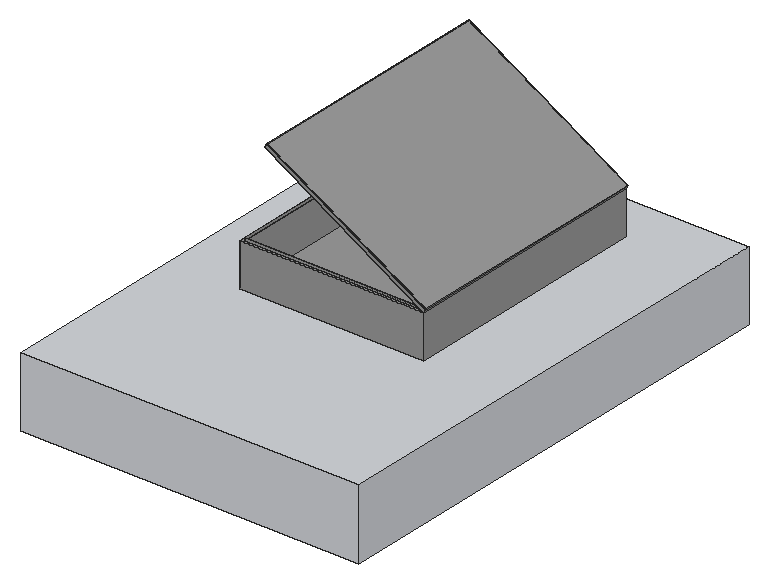
Revit family "Hager-Univers-IP44-D205-H1100-Cl.I-Encl-CH-it", category Equipement électrique, Revit 2020
Family settings
  Hôte = Face
  Configuration du panneau = Deux colonnes, circuits au sein
  Cote de connecteur circulaire = Utiliser le diamètre
  Type d'élément = Tableau de raccordement
  Couper avec des vides une fois chargée = Non
  Partagée = Non
  Point de calcul de pièce = Non
Parameters (values of type "A parete IP44 L800 A1100 P205  - FP73TN2")
  Width Control [instance] = if([EF000008 - Larghezza] > Min Width, [EF000008 - Larghezza], Min Width)  # 800 mm
  Commentaires du type = [HG000003 - Gamma]  # "Univers"
  Thickness Door [instance] = if([EF009171 - spessore materiale porta/coperchio] > 3 mm, 3 mm, [EF009171 - spessore materiale porta/coperchio])  # 1 mm
  Seal Frame Offset [instance] = 17 mm  # constant formula
  Plinth Visibility [instance] = [HG000027 - Altezza dello zoccolo] > 0 mm  # no
  Model = ""
  Min Width [instance] = 100 mm  # constant formula
  Min Height [instance] = 100 mm  # constant formula
  Min Depth [instance] = (2 * [EF009170 - spessore materiale scatola]) + 1 mm  # 3 mm
  Internal Frame Depth [instance] = (Door System Depth * 0.5)  # 9 mm
  Height Control [instance] = if([EF000040 - Altezza] > Min Height, [EF000040 - Altezza], Min Height)  # 1100 mm
  HG000027 - Altezza dello zoccolo = 0 mm
  HG000026 - A pavimento = no
  HG000024 - Altezza della sezione inferiore = 800 mm
  HG000023 - Custodia a doppia sezione = no
  HG000016 - Visibilità delle porte nella vista 3D [instance] = yes
  HG000015 - Visibilità attraverso la porta [instance] = no
  HG000014 - Porta destra [instance] = yes
  HG000013 - Porta sinistra [instance] = not([HG000014 - Porta destra])  # no
  HG000012 - Angolo di apertura della porta [instance] = 30.00°
  HG000010 - Porte asimmetriche = no
  HG000009 - Porta doppia a battente = no
  HG000006 - Ad incasso = no
  HG000004 - Codice produttore = "FP73TN2"
  HG000003 - Gamma = "Univers"
  HG000002 - Con porta = yes
  Frame Offset Bottom [instance] = 10 mm  # constant formula
  Frame Offset [instance] = 15 mm  # constant formula
  EF015940 - Coprire con rilascio di sovrapressione = no
  EF011959 - tipo di protezione (NEMA) = ""
  EF009554 - numero delle aperture per la piastra della flangia = 6
  Fabricant = "Hager"  # constant formula
  EF009212 - esecuzione coperchio = "EV000116 - chiuso"
  EF009171 - spessore materiale porta/coperchio = 1 mm
  EF009170 - spessore materiale scatola = 1 mm
  EF008873 - corrente nominale (In) = 250 A
  EF007800 - adatto per parafulmine = no
  EF006306 - con serratura = no
  EF006244 - coperchio/porta trasparente = no
  EF005474 - grado di protezione (IP) = "EV006418 - IP44"
  EF004464 - tipo di porta = "EV002646 - singolo"
  EF004427 - numero di moduli = 252
  EF004293 - resistenza agli urti = "EV006815 - IK09"
  EF003532 - adatto per uso esterno = no
  EF002950 - Numero moduli DIN = 36
  EF001613 - Integrità del circuito = "EV000494 - senza"
  EF001596 - Attacco Lampada = "EV000179 - acciaio"
  EF001131 - profondità interna = 130 mm
  EF001088 - possibilità di applicazione = yes
  EF000437 - numero di ingressi per conduttori = 6
  EF000339 - tipo di copertura = "EV001012 - coperchio"
  EF000266 - numero di file = 7
  EF000218 - profondità di incasso = 205 mm
  EF000118 - con piastra di montaggio = no
  EF000116 - numero RAL = "9010"
  EF000049 - profondità = 205 mm
  EF000040 - Altezza = 1100 mm
  EF000008 - Larghezza = 800 mm
  EF000007 - colore = "EV000202 - bianco"
  EF000003 - Tipo di montaggio = "EV000384 - A parete"
  Door System Leaf Tolerance [instance] = 1.5 mm  # constant formula
  Door System Depth [instance] = 18 mm  # constant formula
  Door Height [instance] = Height Control - [HG000027 - Altezza dello zoccolo]  # 1100 mm
  Depth Control [instance] = if([EF000049 - profondità] > Min Depth, [EF000049 - profondità], Min Depth)  # 205 mm
  Default Elevation = 0 mm
  Connector Offset [instance] = Height Control / 2  # 550 mm
  Bottom Top Plate Trim [instance] = 1.5 mm  # constant formula
  Plinth height Ctrl [instance] = if([HG000027 - Altezza dello zoccolo] > 0 mm, [HG000027 - Altezza dello zoccolo], 12 mm)  # 12 mm
Types (10, lengths in mm): name | Width Control | HG000010 - Porte asimmetriche | HG000009 - Porta doppia a battente | HG000004 - Codice produttore | EF009554 - numero delle aperture per la piastra della flangia | EF004464 - tipo di porta | EF004427 - numero di moduli | EF002950 - Numero moduli DIN | EF000437 - numero di ingressi per conduttori | EF000218 - profondità di incasso | EF000008 - Larghezza
  A parete IP44 L1050 A1100 P205  - FP74QT | 1050 | no | no | "FP74QT" | 8 | "EV003602 - doppio" | 336 | 48 | 8 | 0 | 1050
  A parete IP44 L1050 A1100 P205  - FP74TN2 | 1050 | no | yes | "FP74TN2" | 8 | "EV003602 - doppio" | 336 | 48 | 8 | 205 | 1050
  A parete IP44 L1300 A1100 P205  - FP75QT | 1300 | no | no | "FP75QT" | 10 | "EV003602 - doppio" | 420 | 60 | 10 | 0 | 1300
  A parete IP44 L1300 A1100 P205  - FP75TN2 | 1300 | yes | yes | "FP75TN2" | 10 | "EV003602 - doppio" | 420 | 60 | 10 | 205 | 1300
  A parete IP44 L300 A1100 P205  - FP71QT | 300 | no | no | "FP71QT" | 2 | "EV002646 - singolo" | 84 | 12 | 2 | 0 | 300
  A parete IP44 L300 A1100 P205  - FP71TN2 | 300 | no | no | "FP71TN2" | 2 | "EV002646 - singolo" | 84 | 12 | 2 | 205 | 300
  A parete IP44 L550 A1100 P205  - FP72QT | 550 | no | no | "FP72QT" | 4 | "EV002646 - singolo" | 168 | 24 | 4 | 0 | 550
  A parete IP44 L550 A1100 P205  - FP72TN2 | 550 | no | no | "FP72TN2" | 4 | "EV002646 - singolo" | 168 | 24 | 4 | 205 | 550
  A parete IP44 L800 A1100 P205  - FP73QT | 800 | no | no | "FP73QT" | 6 | "EV002646 - singolo" | 252 | 36 | 6 | 0 | 800
  A parete IP44 L800 A1100 P205  - FP73TN2 | 800 | no | no | "FP73TN2" | 6 | "EV002646 - singolo" | 252 | 36 | 6 | 205 | 800
Reference planes
  plane 1 "Center (Front/Back)": y = 0
  plane 2: z = 0
  plane 3 "Center (Left/Right)": x = 0
  plane 4: z = 205
  plane 5: y = 1
  plane 6: y = 550
  plane 7: y = 0
  plane 8: y = 1100
  plane 9: z = 0
  plane 10: x = -385
  plane 11: x = 385
  plane 12: x = 384
  plane 13: x = -384
  plane 14: y = 1099
  plane 15: x = -383
  plane 16: x = -400
  plane 17: x = 383
  plane 18: x = 400
  plane 19: x = 399
  plane 20: x = -399
  plane 21: y = 11
  plane 22: y = 1100
  plane 23: y = 1084
  plane 24: z = 187
  plane 25: z = 1
  plane 26: z = 186
  plane 27: z = 204
Forms (mm)
  Extrusion 1, solid
    sketch origin (0, 0, 0) x (1, 0, 0) y (0, 1, 0)
      loop
        line (-702.964, 1305) -> (-702.964, -811.445) -> (766.763, -811.445) -> (766.763, 1305) -> (-702.964, 1305)
    from 0 to -304.8
  Extrusion 2, solid, material "Hager_Steel_RAL7035_Light_Grey", visible <- "Plinth Visibility", detail levels medium+fine
    sketch origin (0, 0, 0) x (1, 0, 0) y (0, 1, 0)
      loop
        line (-400, 0) -> (400, 0) -> (400, 12) -> (-400, 12) -> (-400, 0)
    from 0 to 187
  Extrusion 3, solid, material "Hager_Steel_RAL7035_Light_Grey", detail levels medium+fine
    sketch origin (0, 0, 0) x (1, 0, 0) y (0, 1, 0)
      loop
        line (-400, 0) -> (400, 0) -> (400, 1100) -> (-400, 1100) -> (-400, 0)
    from 0 to 187
  Extrusion 4, void
    sketch origin (0, 0, 0) x (1, 0, 0) y (0, 1, 0)
      loop
        line (-399, 1) -> (399, 1) -> (399, 1099) -> (-399, 1099) -> (-399, 1)
    from 1 to 186
  Extrusion 5, void
    sketch origin (-381.607, -4572, 187) x (0, -1, 0) y (-1, 0, 0)
      loop
        line (-4583, 2.393) -> (-5656, 2.393) -> (-5656, -765.607) -> (-4583, -765.607) -> (-4583, 2.393)
    from 0 to 1 <- "EF009170 - spessore materiale scatola"
  Extrusion 6, solid, material "Hager_Steel_RAL7035_Light_Grey", detail levels fine
    sketch origin (0, 0, 187) x (1, 0, 0) y (0, 1, 0)
      loop
        line (-384, 1084) -> (-384, 11) -> (384, 11) -> (384, 1084) -> (-384, 1084)
      loop
        line (-385, 10) -> (385, 10) -> (385, 1085) -> (-385, 1085) -> (-385, 10)
    from 0 to 9 <- "Internal Frame Depth"
  Extrusion 7, solid, material "Hager_Steel_RAL7035_Light_Grey", detail levels coarse
    sketch origin (0, 0, 0) x (1, 0, 0) y (0, 1, 0)
      loop
        line (-400, 0) -> (400, 0) -> (400, 1100) -> (-400, 1100) -> (-400, 0)
    from 0 to 205
  Sweep 8, void
    path in 3D
      loop
        line (-400, 12, 0) -> (400, 12, 0) -> (400, 12, 187) -> (-400, 12, 187) -> (-400, 12, 0)
    profile origin (-400, 12, 93.5) x (-1, 0, 0) y (0, -1, 0)
      loop
        line (0, 0) -> (0, 1.5) -> (-1.5, 1.5)
        arc (-1.5, 1.5) -> (-1.061, 0.439) -> (0, 0) r 1.5
Cuts and joins
  Extrusion 4, Extrusion 5 cuts Extrusion 3
  Sweep 8 cuts Extrusion 2
Lines and regions (mm)
  Masking region 1
    outline origin (0, 0, 0) x (1, 0, 0) y (0, 0, 1)
      loop
        line (-400, 205) -> (-400, 0) -> (400, 0) -> (400, 205) -> (-400, 205)
  Masking region 2, detail levels medium+fine
    outline origin (0, 140, 0) x (0, 1, 0) y (0, 0, 1)
      loop
        line (-140, 0) -> (960, 0) -> (960, 187) -> (-140, 187) -> (-140, 0)
  Masking region 3, not visible, detail levels medium+fine
    outline origin (0, 297.922, 0) x (0, 1, 0) y (0, 0, 1)
      loop
        line (263.578, 0) -> (303.578, 0) -> (303.578, 194)
        arc (303.578, 194) -> (300.649, 201.071) -> (293.578, 204) r 10
        line (293.578, 204) -> (263.578, 204) -> (263.578, 0)
  Masking region 4, detail levels coarse
    outline origin (0, 0, 180) x (0, 1, 0) y (0, 0, 1)
      loop
        line (0, -180) -> (1100, -180) -> (1100, 25) -> (0, 25) -> (0, -180)
  Masking region 5, visible <- "Plinth Visibility", detail levels medium+fine
    outline origin (0, 52.24, 12.345) x (0, 0, -1) y (0, 1, 0)
      loop
        line (10.845, -40.24) -> (-173.155, -40.24)
        arc (-173.155, -40.24) -> (-173.594, -41.301) -> (-174.655, -41.74) r 1.5
        line (-174.655, -41.74) -> (-174.655, -52.24) -> (12.345, -52.24) -> (12.345, -41.74)
        arc (12.345, -41.74) -> (11.285, -41.301) -> (10.845, -40.24) r 1.5
  Masking region 6, detail levels medium+fine
    outline origin (-381.607, -4572, 187) x (-1, 0, 0) y (0, -1, 0)
      loop
        line (18.393, -5672) -> (18.393, -4572) -> (-781.607, -4572) -> (-781.607, -5672) -> (18.393, -5672)
  Masking region 7, visible <- "Plinth Visibility", detail levels medium+fine
    outline origin (-381.607, -4727, 187) x (-1, 0, 0) y (0, -1, 0)
      loop
        arc (16.893, -4739) -> (17.332, -4737.939) -> (18.393, -4737.5) r 1.5
        line (18.393, -4737.5) -> (18.393, -4727) -> (-781.607, -4727) -> (-781.607, -4737.5)
        arc (-781.607, -4737.5) -> (-780.546, -4737.939) -> (-780.107, -4739) r 1.5
        line (-780.107, -4739) -> (16.893, -4739)
  Masking region 8, detail levels coarse
    outline origin (-442.548, -4669.526, 187) x (-1, 0, 0) y (0, -1, 0)
      loop
        line (-42.548, -5769.526) -> (-42.548, -4669.526) -> (-842.548, -4669.526) -> (-842.548, -5769.526) -> (-42.548, -5769.526)
  sketch lines
    curve 1: line (-400, 12, 187) -> (-400, 12, 0)
    curve 2: line (400, 12, 187) -> (-400, 12, 187)
    curve 3: line (400, 12, 187) -> (400, 12, 0)
    curve 4: line (-400, 12, 0) -> (400, 12, 0)
Dimensions and locks
  "Depth Control": plane 4 to Extrusion 1
  "HG000027 - Altezza dello zoccolo": plane 1 "Center (Front/Back)" to plane 7
  "EF009170 - spessore materiale scatola": plane 5 to plane 7
  locked: connector elem to plane 3 "Center (Left/Right)"
  equal spacing: plane 8, plane 6, plane 7
  locked: connector elem to plane 6
  "EF009170 - spessore materiale scatola": plane 8 to plane 14
  "EF009170 - spessore materiale scatola": plane 10 to plane 13
  "EF009170 - spessore materiale scatola": plane 12 to plane 11
  "Frame Offset": plane 20 to plane 13
  "Frame Offset": plane 12 to plane 19
  "EF009170 - spessore materiale scatola": plane 16 to plane 20
  "EF009170 - spessore materiale scatola": plane 19 to plane 18
  "Seal Frame Offset": plane 16 to plane 15
  "Seal Frame Offset": plane 17 to plane 18
  "Frame Offset Bottom": plane 21 to plane 5
  "Frame Offset": plane 14 to plane 23
  equal spacing: plane 16, plane 3 "Center (Left/Right)", plane 18
  "Width Control": plane 16 to plane 18
  "EF009170 - spessore materiale scatola": plane 4 to plane 27
  "EF009170 - spessore materiale scatola": plane 24 to plane 26
  "EF009170 - spessore materiale scatola": plane 25 to level
  "Door System Depth": plane 4 to plane 24
  "Height Control": plane 1 "Center (Front/Back)" to Extrusion 7 sketch curve
  "Height Control": Masking region 4 sketch curve to plane 1 "Center (Front/Back)"
  "Height Control": plane 1 "Center (Front/Back)" to plane 22
  "Bottom Top Plate Trim": profile plane to Sweep 8 sketch curve
  "Bottom Top Plate Trim": Sweep 8 sketch curve to profile plane
  "Plinth height Ctrl": plane 1 "Center (Front/Back)" to Extrusion 2 sketch curve
  "Plinth height Ctrl": Masking region 5 sketch curve to plane 1 "Center (Front/Back)"
  "Plinth height Ctrl": plane 1 "Center (Front/Back)" to Masking region 7 sketch curve
  "Thickness Door": Extrusion 6 sketch curve to Extrusion 6 sketch curve  (x3)
  "Thickness Door": cut or joined group of Extrusion 3, Extrusion 4, Extrusion 5 to Extrusion 6 sketch curve
  radius of Masking region 3 sketch curve = 10 mm
  "Bottom Top Plate Trim": radius of Masking region 5 sketch curve  (x2)
  "Bottom Top Plate Trim": radius of Sweep 8 sketch curve
  "Bottom Top Plate Trim": radius of Masking region 7 sketch curve  (x2)
  aligned and locked: plane 2 to Extrusion 1
  aligned and locked: level to Extrusion 1
  aligned and locked: level to Masking region 1 sketch curve
  aligned and locked: Masking region 1 sketch curve to plane 18
  aligned and locked: Masking region 1 sketch curve to plane 16
  aligned and locked: plane 7 to Masking region 2 sketch curve
  aligned and locked: level to Masking region 3 sketch curve
  aligned and locked: Masking region 3 sketch curve to plane 27
  aligned and locked: level to Masking region 2 sketch curve
  aligned and locked: plane 1 "Center (Front/Back)" to Extrusion 2 sketch curve
  aligned and locked: Extrusion 3 sketch curve to plane 7
  aligned and locked: plane 16 to Extrusion 3 sketch curve
  aligned and locked: plane 18 to Extrusion 3 sketch curve
  aligned and locked: plane 20 to Extrusion 4 sketch curve
  aligned and locked: plane 19 to Extrusion 4 sketch curve
  aligned and locked: Extrusion 4 sketch curve to plane 5
  aligned and locked: Extrusion 4 to plane 25
  aligned and locked: plane 26 to Extrusion 4
  aligned and locked: plane 24 to Extrusion 3
  aligned and locked: Extrusion 5 sketch curve to plane 21
  aligned and locked: Extrusion 5 sketch curve to plane 13
  aligned and locked: Extrusion 5 sketch curve to plane 12
  aligned and locked: plane 18 to Extrusion 7 sketch curve
  aligned and locked: plane 1 "Center (Front/Back)" to Extrusion 7 sketch curve
  aligned and locked: plane 16 to Extrusion 7 sketch curve
  aligned and locked: plane 4 to Extrusion 7
  aligned and locked: Extrusion 7 to level
  aligned and locked: level to Masking region 4 sketch curve
  aligned and locked: Masking region 4 sketch curve to plane 1 "Center (Front/Back)"
  aligned and locked: Masking region 4 sketch curve to plane 4
  aligned and locked: nested 1 to level
  aligned and locked: nested 1 to plane 16
  aligned and locked: plane 8 to Extrusion 3 sketch curve
  aligned and locked: plane 23 to Extrusion 5 sketch curve
  aligned and locked: plane 14 to Extrusion 4 sketch curve
  aligned and locked: Masking region 2 sketch curve to plane 8
  aligned and locked: level to Masking region 5 sketch curve
  aligned and locked: plane 16 to Extrusion 2 sketch curve
  aligned and locked: plane 18 to Extrusion 2 sketch curve
  aligned and locked: Masking region 5 sketch curve to plane 24
  aligned and locked: Masking region 2 sketch curve to plane 24
  aligned and locked: plane 24 to Extrusion 2
  aligned and locked: profile plane to Sweep 8 sketch curve  (x2)
  aligned and locked: Masking region 6 sketch curve to plane 18
  aligned and locked: Masking region 6 sketch curve to plane 22
  aligned and locked: Masking region 6 sketch curve to plane 16
  aligned and locked: plane 8 to plane 22
  aligned and locked: Masking region 6 sketch curve to plane 7
  aligned and locked: Masking region 7 sketch curve to plane 16
  aligned and locked: Masking region 7 sketch curve to plane 1 "Center (Front/Back)"
  aligned and locked: Masking region 7 sketch curve to plane 18
  aligned and locked: Masking region 8 sketch curve to plane 1 "Center (Front/Back)"
  aligned and locked: Masking region 8 sketch curve to plane 18
  aligned and locked: Masking region 8 sketch curve to plane 22
  aligned and locked: Masking region 8 sketch curve to plane 16
  aligned and locked: nested 2 to plane 7
  aligned and locked: plane 3 "Center (Left/Right)" to nested 2
  aligned and locked: nested 2 to plane 24
  aligned and locked: Extrusion 6 sketch curve to cut or joined group of Extrusion 3, Extrusion 4, Extrusion 5  (x4)
Automatic sketch dimensions
  Extrusion 1 sketch curve to Extrusion 1 sketch curve = 1469.727 mm
  Extrusion 1 sketch curve to Extrusion 1 sketch curve = 2116.445 mm
  Masking region 1 sketch curve to plane 4 = 0 mm
  plane 6 to Masking region 3 sketch curve = 11.5 mm
  Masking region 3 sketch curve to Masking region 3 sketch curve = 30 mm
  Masking region 5 sketch curve to plane 1 "Center (Front/Back)" = 0 mm
Nested families
  nested 1: "Hager_Enclosure_Symbol" at (-400, 0, 0) x (1, 0, 0) z (0, -1, 0), Height <- "Depth Control", Width <- "Width Control", type "Hager_Enclosure_Symbol"
    with Width_Ctrl 800 mm, Width 800 mm, Height_Ctrl 205 mm, Height 205 mm, A_Width_Int 13.453 mm, A_Width 161.438 mm, A_Height_Ctrl 179.375 mm, A_Height 179.375 mm
  nested 2: "EC000058_Univers_Door" at (0, 0, 187) x (1, 0, 0) z (0, 1, 0), Leaf_Tolerance <- "Door System Leaf Tolerance", Angle <- "HG000012 - Angolo di apertura della porta", Door_Depth <- "Door System Depth", Door_Left <- "HG000013 - Porta sinistra", Transparent <- "EF006244 - coperchio/porta trasparente", Assymetrical <- "HG000010 - Porte asimmetriche", Width <- "Width Control", Clearance <- "HG000015 - Visibilità attraverso la porta", Double <- "HG000009 - Porta doppia a battente", 3d_Door <- "HG000016 - Visibilità delle porte nella vista 3D", Lock_Visibility <- "EF006306 - con serratura", Width_Ctrl <- "Width Control", Door_Right <- "HG000014 - Porta destra", Door <- "HG000002 - Con porta", Height <- "Door Height", Thickness <- "Thickness Door", type "EC000058_Univers_Door", detail levels medium+fine
    with min_wh 3 mm, Width_Ctrl 800 mm, Width 800 mm, Transparent no, Thickness 1 mm, Seal_Material Hager_Rubber, Lock_Visibility no, Lock_Material Hager_Plastic_RAL9005_Jet_Black, Leaf_Width 800 mm, Leaf_Tolerance_External_Sides 0 mm, Leaf_Tolerance 1.5 mm, Leaf_Offset 0 mm, Leaf_Height 1097 mm, Leaf_2_Width 800 mm, Leaf_2_Offset 400 mm, Leaf_1_Width 800 mm, Leaf_1_Offset 400 mm, Height_Ctrl 1100 mm, Height 1100 mm, Glass_Material Hager_Glass, Double_Clearance_Ctrl no, Double no, Door_Right_Ctrl yes, Door_Right yes, Door_Material Hager_Steel_RAL7035_Light_Grey, Door_Left_Ctrl no, Door_Left no, Door_Depth 18 mm, Door yes, Clearance_Material Hager_Clearance, Clearance_Depth 800 mm, Clearance_Ctrl no, Clearance no, Assymetrical no, Angle 30.00°, 3d_Door yes
Connectors
  electrical at (0, 550, 0)
    settings: on plane 9, index 1, voltage 0 V, apparent load 0 VA, apparent load phase1 0 VA, apparent load phase2 0 VA, apparent load phase3 0 VA, power factor 1, load classification "Other", number of poles 1, system type 30, power factor state 1, is connector primary yes, connector utility no, sub classification motor no, connector description ""
Definition of nested family "EC000058_Univers_Door"
  Parameters (values of type "EC000058_Univers_Door")
    min_wh [instance] = (2 * Thickness) + 1 mm  # 11 mm
    Width_Ctrl [instance] = 400 mm
    Width [instance] = 500 mm
    Transparent [instance] = yes
    Thickness [instance] = 5 mm
    Seal_Material [instance] = none
    Lock_Visibility [instance] = yes
    Lock_Material [instance] = none
    Leaf_Width [instance] = if((Width_Ctrl - 2 * Leaf_Tolerance_External_Sides) > 0 mm, (Width_Ctrl - 2 * Leaf_Tolerance_External_Sides), min_wh)  # 400 mm
    Leaf_Tolerance_External_Sides [instance] = 0 mm  # constant formula
    Leaf_Tolerance [instance] = 1.5 mm
    Leaf_Offset [instance] = 0 mm  # constant formula
    Leaf_Height [instance] = if((Height_Ctrl - 2 * Leaf_Tolerance) > 0 mm, (Height_Ctrl - 2 * Leaf_Tolerance), min_wh)  # 497 mm
    Leaf_2_Width [instance] = if(and(and(Double, Assymetrical), Door_Left), (Leaf_Width / 3) - (Leaf_Tolerance / 2), if(and(and(Double, Assymetrical), Door_Right), (Leaf_Width / 3) * 2 - (Leaf_Tolerance / 2), if(and(Double, not(Assymetrical)), (Leaf_Width / 2) - Leaf_Tolerance, Leaf_Width)))  # 400 mm
    Leaf_2_Offset [instance] = if(and(Double, Assymetrical), Leaf_2_Width / 2, if(and(Double, not(Assymetrical)), Leaf_Width / 4, Leaf_Width / 2))  # 200 mm
    Leaf_1_Width [instance] = if(and(and(Double, Assymetrical), Door_Right), (Leaf_Width / 3) - (Leaf_Tolerance / 2), if(and(and(Double, Assymetrical), Door_Left), (Width / 3) * 2 - (Leaf_Tolerance / 2), if(and(Double, not(Assymetrical)), (Leaf_Width / 2) - Leaf_Tolerance, Leaf_Width)))  # 400 mm
    Leaf_1_Offset [instance] = if(and(Double, Assymetrical), Leaf_1_Width / 2, if(and(Double, not(Assymetrical)), Leaf_Width / 4, Leaf_Width / 2))  # 200 mm
    Height_Ctrl [instance] = if(Height > min_wh, Height, min_wh)  # 500 mm
    Height [instance] = 500 mm
    Glass_Material [instance] = none
    Double_Clearance_Ctrl [instance] = and(Double, Clearance)  # no
    Double [instance] = no
    Door_Right_Ctrl [instance] = and(or(Door_Right, Double), Door)  # yes
    Door_Right [instance] = yes
    Door_Material [instance] = none
    Door_Left_Ctrl [instance] = and(or(Door_Left, Double), Door)  # no
    Door_Left [instance] = no
    Door_Depth [instance] = 30 mm
    Door [instance] = yes
    Default Elevation = 1219.2 mm
    Clearance_Material [instance] = none
    Clearance_Depth [instance] = if(Leaf_1_Width > Leaf_2_Width, Leaf_1_Width, Leaf_2_Width)  # 400 mm
    Clearance_Ctrl [instance] = and(not(Double), Clearance)  # yes
    Clearance [instance] = yes
    Assymetrical [instance] = yes
    Angle [instance] = 30.00°
    3d_Door [instance] = yes
  Reference planes
    plane 1 "Center (Front/Back)": y = 0
    plane 2 "Bottom": z = 0
    plane 3 "Center (Left/Right)": x = 0
    plane 4: z = 500
    plane 5: x = -200
    plane 6: x = 200
    plane 7: z = 500
    plane 8: x = -200
    plane 9: z = 0
    plane 10: x = 200
    plane 11: y = 0
    plane 12: z = 1.5
    plane 13: x = -600
    plane 14: y = -400
    plane 15: x = 600
    plane 16: x = 0
    plane 17: x = 0
    plane 18: x = -200
    plane 19: x = 200
    plane 20: z = 498.5
  Forms (mm)
    Extrusion 1, solid, material <- "Clearance_Material", visible <- "Double_Clearance_Ctrl"
      sketch origin (1200, 0, 0) x (1, 0, 0) y (0, 0, -1)
        loop
          line (-1800, -498.5) -> (-600, -498.5) -> (-600, 0) -> (-1800, 0) -> (-1800, -498.5)
      from 0 to -400
  Dimensions and locks
    equal spacing: plane 5, plane 3 "Center (Left/Right)", plane 6
    "Width_Ctrl": plane 5 to plane 6
    "Leaf_Offset": plane 5 to plane 8
    "Leaf_Offset": plane 6 to plane 10
    "Leaf_Offset": plane 9 to level
    "Leaf_Offset": plane 4 to plane 7
    "Height_Ctrl": plane 4 to level
    "Leaf_Tolerance": plane 12 to plane 9
    locked: plane 11 to plane 1 "Center (Front/Back)"
    "Leaf_1_Offset": plane 18 to plane 16
    "Leaf_2_Offset": plane 17 to plane 19
    "Leaf_1_Width": plane 13 to plane 8
    "Leaf_2_Width": plane 10 to plane 15
    "Clearance_Depth": plane 14 to plane 1 "Center (Front/Back)"
    "Leaf_Tolerance_External_Sides": plane 8 to plane 18
    "Leaf_Tolerance_External_Sides": plane 19 to plane 10
    "Leaf_Tolerance": plane 7 to plane 20
    aligned and locked: level to plane 2 "Bottom"
    aligned and locked: nested 1 to plane 16
    aligned and locked: nested 2 to plane 17
    aligned and locked: Extrusion 1 to plane 13
    aligned and locked: plane 15 to Extrusion 1
    aligned and locked: Extrusion 1 to plane 14
    aligned and locked: plane 12 to nested 1
    aligned and locked: nested 2 to plane 12
    aligned and locked: Extrusion 1 to plane 11
    aligned and locked: plane 20 to Extrusion 1
    aligned and locked: nested 2 to plane 11
    aligned and locked: nested 1 to plane 11
  Automatic sketch dimensions
    Extrusion 1 sketch curve to level = 0 mm
    plane 5 to Extrusion 1 sketch curve = 400 mm
    plane 6 to Extrusion 1 sketch curve = 400 mm
    Extrusion 1 sketch curve to plane 4 = 1.5 mm
  Nested families
    nested 1: "EC000058_Univers_Door_Leaf" at (0, 0, 1.5), Width <- "Leaf_1_Width", visible <- "Door_Left_Ctrl", Leaf_Height <- "Leaf_Height", Angle <- "Angle", 3d_Door <- "3d_Door", Transparent <- "Transparent", Clearance Material <- "Clearance_Material", Clearance <- "Clearance_Ctrl", Door_Material <- "Door_Material", Glass_Material <- "Glass_Material", Door_Depth <- "Door_Depth", Lock_Material <- "Lock_Material", Seal_Material <- "Seal_Material", Lock_Visibility <- "Lock_Visibility", Thickness <- "Thickness", type "EC000058_Univers_Door_Leaf"
      with Width 400 mm, Transparent_Glass_Offset 30 mm, Transparent_Ctrl yes, Transparent yes, Thickness 5 mm, Standard no, Seal_Material none, Seal_D2 8 mm, Seal_D1 1 mm, Offset_Internal_Frame 10 mm, Lock_Width 20 mm, Lock_Visibility_3d yes, Lock_Visibility yes, Lock_Thickness_3 3 mm, Lock_Thickness_2 1 mm, Lock_Thickness_1 3 mm, Lock_Radius_Offset_2 16 mm, Lock_Radius_Offset_1 15 mm, Lock_Radius_2 5 mm, Lock_Radius 6 mm, Lock_Offset 5 mm, Lock_Material none, Lock_Height 80 mm, Lock_Cover_Top_Offset_2d 17 mm, Lock_Cover_Height -65 mm, Leaf_Height 497 mm, Internal_Seal_Thickness 8 mm, Internal_Seal_Depth_2 4.5 mm, Internal_Frame_Depth 25 mm, Glass_Thickness -1 mm, Glass_Offset -2 mm, Glass_Material none, Door_Material none, Door_Depth 30 mm, Clearance Material none, Clearance yes, Angle_Ctrl 30.00°, Angle 30.00°, 3d_Door yes
    nested 2: "EC000058_Univers_Door_Leaf" at (0, 0, 1.5) x (-1, 0, 0) z (0, 0, 1), Width <- "Leaf_2_Width", visible <- "Door_Right_Ctrl", Leaf_Height <- "Leaf_Height", Angle <- "Angle", 3d_Door <- "3d_Door", Transparent <- "Transparent", Clearance Material <- "Clearance_Material", Clearance <- "Clearance_Ctrl", Door_Material <- "Door_Material", Glass_Material <- "Glass_Material", Door_Depth <- "Door_Depth", Lock_Material <- "Lock_Material", Seal_Material <- "Seal_Material", Lock_Visibility <- "Lock_Visibility", Thickness <- "Thickness", type "EC000058_Univers_Door_Leaf"
      with Width 400 mm, Transparent_Glass_Offset 30 mm, Transparent_Ctrl yes, Transparent yes, Thickness 5 mm, Standard no, Seal_Material none, Seal_D2 8 mm, Seal_D1 1 mm, Offset_Internal_Frame 10 mm, Lock_Width 20 mm, Lock_Visibility_3d yes, Lock_Visibility yes, Lock_Thickness_3 3 mm, Lock_Thickness_2 1 mm, Lock_Thickness_1 3 mm, Lock_Radius_Offset_2 16 mm, Lock_Radius_Offset_1 15 mm, Lock_Radius_2 5 mm, Lock_Radius 6 mm, Lock_Offset 5 mm, Lock_Material none, Lock_Height 80 mm, Lock_Cover_Top_Offset_2d 17 mm, Lock_Cover_Height -65 mm, Leaf_Height 497 mm, Internal_Seal_Thickness 8 mm, Internal_Seal_Depth_2 4.5 mm, Internal_Frame_Depth 25 mm, Glass_Thickness -1 mm, Glass_Offset -2 mm, Glass_Material none, Door_Material none, Door_Depth 30 mm, Clearance Material none, Clearance yes, Angle_Ctrl 30.00°, Angle 30.00°, 3d_Door yes
  Definition of nested family "EC000058_Univers_Door_Leaf"
    Parameters (values of type "EC000058_Univers_Door_Leaf")
      Width [instance] = 2000 mm
      Transparent_Glass_Offset [instance] = 30 mm
      Transparent_Ctrl [instance] = and(Transparent, [3d_Door])  # yes
      Transparent [instance] = yes
      Thickness [instance] = 5 mm
      Standard [instance] = and(not(Transparent), [3d_Door])  # no
      Seal_Material [instance] = none
      Seal_D2 [instance] = 8 mm  # constant formula
      Seal_D1 [instance] = 1 mm  # constant formula
      Offset_Internal_Frame [instance] = 10 mm  # constant formula
      Lock_Width [instance] = 20 mm  # constant formula
      Lock_Visibility_3d [instance] = and(Lock_Visibility, [3d_Door])  # yes
      Lock_Visibility [instance] = yes
      Lock_Thickness_3 [instance] = 3 mm  # constant formula
      Lock_Thickness_2 [instance] = 1 mm  # constant formula
      Lock_Thickness_1 [instance] = 3 mm  # constant formula
      Lock_Radius_Offset_2 [instance] = Lock_Radius_Offset_1 + 1 mm  # 16 mm
      Lock_Radius_Offset_1 [instance] = 15 mm  # constant formula
      Lock_Radius_2 [instance] = Lock_Radius - 1 mm  # 5 mm
      Lock_Radius [instance] = 6 mm  # constant formula
      Lock_Offset [instance] = 5 mm  # constant formula
      Lock_Material [instance] = none
      Lock_Height [instance] = 80 mm  # constant formula
      Lock_Cover_Top_Offset_2d [instance] = Lock_Radius_Offset_2 + 1 mm  # 17 mm
      Lock_Cover_Height [instance] = -(Lock_Height - Lock_Radius_Offset_1)  # -65 mm
      Leaf_Height [instance] = 2720.336 mm
      Internal_Seal_Thickness [instance] = 8 mm  # constant formula
      Internal_Seal_Depth_2 [instance] = 4.5 mm  # constant formula
      Internal_Frame_Depth [instance] = if(Door_Depth - Thickness > 5 mm, Door_Depth - Thickness, 5 mm)  # 25 mm
      Glass_Thickness [instance] = if(Thickness > 15 mm, Glass_Offset + 10 mm, -1 mm)  # -1 mm
      Glass_Offset [instance] = if(Thickness > 15 mm, -(Thickness + 10 mm) / 2, -2 mm)  # -2 mm
      Glass_Material [instance] = none
      Door_Material [instance] = none
      Door_Depth [instance] = 30 mm
      Default Elevation = 0 mm
      Clearance Material [instance] = none
      Clearance [instance] = yes
      Angle_Ctrl [instance] = if(Angle > 180.00°, 180.00°, Angle)  # 90.00°
      Angle [instance] = 90.00°
      3d_Door [instance] = yes
    Reference planes
      plane 1 "Center (Front/Back)": y = 0
      plane 2: z = 0
      plane 3 "Center (Left/Right)": x = 0
      plane 4: y = 2000
      plane 5: x = -1000
      plane 6: x = 1000
      plane 7: x = -3000
      plane 8: z = 2720.336
      plane 9: z = 30
      plane 10: z = 2690.336
      plane 11: x = 970
      plane 12: x = -970
      plane 13: y = -3
      plane 14: z = 107.833
      plane 15: y = -5
      plane 16: y = -223.314
      plane 17: x = -1000
      plane 18: z = 1360.168
      plane 19: y = 30
    Forms (mm)
      Extrusion 1, solid, material <- "Clearance Material", visible <- "Clearance"
        sketch origin (0, 0, 0) x (1, 0, 0) y (0, 0, 1)
          loop
            line (-3000, 2720.336) -> (-3000, 0) -> (1000, 0) -> (1000, 2720.336) -> (-3000, 2720.336)
        from 0 to -2000
      Extrusion 2, solid, material <- "Door_Material", visible <- "Standard", detail levels medium+fine
        sketch origin (-1000, 0, 0) x (0, 1, 0) y (-1, 0, 0)
          loop
            line (0, 30) -> (0, 25) -> (2000, 25) -> (2000, 30) -> (0, 30)
        from 0 to 2720.336 <- "Leaf_Height"
      Extrusion 3, solid, material <- "Door_Material", visible <- "Transparent_Ctrl", detail levels medium+fine
        sketch origin (-1000, 0, 0) x (0, 1, 0) y (-1, 0, 0)
          loop
            line (0, 25) -> (2000, 25) -> (2000, 30) -> (0, 30) -> (0, 25)
        from 0 to 2720.336 <- "Leaf_Height"
      Extrusion 4, void
        sketch origin (-1025, 2000, 0) x (0, 1, 0) y (0, 0, -1)
          loop
            line (-30, -2690.336) -> (-30, -30) -> (-1970, -30) -> (-1970, -2690.336) -> (-30, -2690.336)
        from 0 to 5 <- "Thickness"
      Sweep 5, solid, material <- "Seal_Material", visible <- "Transparent_Ctrl", detail levels fine
        path in 3D
          loop
            line (-1025, 30, 30) -> (-1025, 30, 2690.336) -> (-1025, 1970, 2690.336) -> (-1025, 1970, 30) -> (-1025, 30, 30)
        profile origin (-1025, 1000, 30) x (1, 0, 0) y (0, 0, 1)
          loop
            line (0, 0) -> (0, -8) -> (1, -8) -> (1, 0) -> (0, 0)
      Extrusion 6, solid, material <- "Glass_Material", visible <- "Transparent_Ctrl", detail levels medium+fine
        sketch origin (-1030, 0, 0) x (0, 1, 0) y (0, 0, -1)
          loop
            line (1970, -2690.336) -> (1970, -30) -> (30, -30) -> (30, -2690.336) -> (1970, -2690.336)
        from -2 <- "Glass_Offset" to -1 <- "Glass_Thickness"
      Extrusion 7, solid, material <- "Door_Material", visible <- "3d_Door", detail levels medium+fine
        sketch origin (-1025, 2000, 0) x (0, -1, 0) y (0, 0, -1)
          loop
            line (0, -2720.336) -> (2000, -2720.336) -> (2000, 0) -> (0, 0) -> (0, -2720.336)
          loop
            line (1995, -5) -> (5, -5) -> (5, -2715.336) -> (1995, -2715.336) -> (1995, -5)
        from 0 to 25 <- "Internal_Frame_Depth"
      Sweep 8, solid, material <- "Seal_Material", visible <- "Transparent_Ctrl", detail levels fine
        path in 3D
          loop
            line (-1025, 0, 0) -> (-1025, 2000, 0) -> (-1025, 2000, 2720.336) -> (-1025, 0, 2720.336) -> (-1025, 0, 0)
        profile origin (-1025, 0, 1360.168) x (1, 0, 0) y (0, 1, 0)
          loop
            line (0, 10) -> (2.975, 10)
            arc (2.975, 10) -> (4.053, 10.447) -> (4.5, 11.525) r 1.525
            line (4.5, 11.525) -> (4.5, 16.527)
            arc (4.5, 16.527) -> (4.069, 17.569) -> (3.027, 18) r 1.473
            line (3.027, 18) -> (0, 18) -> (0, 10)
      Extrusion 9, solid, material <- "Lock_Material", visible <- "Lock_Visibility_3d", detail levels fine
        sketch origin (-1030, 0, 0) x (0, 1, 0) y (0, 0, -1)
          loop
            arc (1993.5, -1400.168) -> (1994.561, -1399.729) -> (1995, -1398.668) r 1.5
            line (1995, -1398.668) -> (1995, -1320.168) -> (1975, -1320.168) -> (1975, -1398.668)
            arc (1975, -1398.668) -> (1975.439, -1399.729) -> (1976.5, -1400.168) r 1.5
            line (1976.5, -1400.168) -> (1993.5, -1400.168)
        from 3 <- "Lock_Thickness_1" to 0
      Blend 10, solid, material <- "Lock_Material", visible <- "Lock_Visibility_3d", detail levels fine
        base sketch origin (-1033, 0, 0) x (0, 1, 0) y (0, 0, -1)
          loop
            line (1975, -1320.168) -> (1975, -1398.668)
            arc (1975, -1398.668) -> (1975.439, -1399.729) -> (1976.5, -1400.168) r 1.5
            line (1976.5, -1400.168) -> (1993.5, -1400.168)
            arc (1993.5, -1400.168) -> (1994.561, -1399.729) -> (1995, -1398.668) r 1.5
            line (1995, -1398.668) -> (1995, -1320.168) -> (1975, -1320.168)
        top sketch origin (-1033, 0, 0) x (0, 1, 0) y (0, 0, -1)
          loop
            line (1976, -1320.168) -> (1976, -1398.668)
            arc (1976, -1398.668) -> (1976.146, -1399.022) -> (1976.5, -1399.168) r 0.5
            line (1976.5, -1399.168) -> (1993.5, -1399.168)
            arc (1993.5, -1399.168) -> (1993.854, -1399.022) -> (1994, -1398.668) r 0.5
            line (1994, -1398.668) -> (1994, -1320.168) -> (1976, -1320.168)
        from 0 to 1 <- "Lock_Thickness_2"
      Blend 11, solid, material <- "Lock_Material", visible <- "Lock_Visibility_3d", detail levels fine
        base sketch origin (-1034, 0, 0) x (0, 1, 0) y (0, 0, -1)
          loop
            line (1978, -1320.168) -> (1978, -1384.168)
            arc (1978, -1384.168) -> (1985, -1391.168) -> (1992, -1384.168) r 7
            line (1992, -1384.168) -> (1992, -1320.168) -> (1978, -1320.168)
        top sketch origin (-1034, 0, 0) x (0, 1, 0) y (0, 0, -1)
          loop
            line (1991, -1320.168) -> (1979, -1320.168) -> (1979, -1383.168)
            arc (1979, -1383.168) -> (1985, -1389.168) -> (1991, -1383.168) r 6
            line (1991, -1383.168) -> (1991, -1320.168)
        from 0 to 3 <- "Lock_Thickness_3"
      Extrusion 12, solid, material <- "Lock_Material", visible <- "Lock_Visibility_3d", detail levels fine
        sketch origin (-1030, 1975, 1320.168) x (1, 0, 0) y (0, -1, 0)
          loop
            line (-7, -19) -> (-7, -1) -> (0, -1) -> (0, 0) -> (-8, 0) -> (-8, -20) -> (0, -20) -> (0, -19) -> (-7, -19)
        from 0 to -65 <- "Lock_Cover_Height"
      Extrusion 13, void
        sketch origin (-1038, 1995, 1320.168) x (-1, 0, 0) y (0, 0, -1)
          loop
            line (-5, -65) -> (0, -65) -> (-5, -60) -> (-5, -65)
        from 0 to 20 <- "Lock_Width"
      Extrusion 14, void
        sketch origin (-1038, 1975, 1320.168) x (0, -1, 0) y (0, 0, -1)
          loop
            circle (-10, -15.995) r 6
          loop
            circle (-10, -15.995) r 5
        from 0 to 2
      Extrusion 15, solid, material <- "Lock_Material", visible <- "Lock_Visibility_3d", detail levels medium
        sketch origin (-1030, 0, 0) x (0, 1, 0) y (0, 0, -1)
          loop
            arc (1993.5, -1400.168) -> (1994.561, -1399.729) -> (1995, -1398.668) r 1.5
            line (1995, -1398.668) -> (1995, -1320.168) -> (1975, -1320.168) -> (1975, -1398.668)
            arc (1975, -1398.668) -> (1975.439, -1399.729) -> (1976.5, -1400.168) r 1.5
            line (1976.5, -1400.168) -> (1993.5, -1400.168)
        from 8 to 0
    Cuts and joins
      Extrusion 4 cuts Extrusion 3
      Extrusion 13, Extrusion 14 cuts Extrusion 9
      Extrusion 14 cuts Blend 11
      Extrusion 13, Extrusion 14 cuts Extrusion 12
      joined: Extrusion 9, Blend 10, Blend 11, Extrusion 12
      Extrusion 14 cuts Extrusion 15
    Lines and regions (mm)
      Masking region 1, visible <- "Lock_Visibility", detail levels fine
        outline origin (0, 0, 0) x (0, 1, 0) y (0, 0, 1)
          loop
            line (30, 1320.168) -> (33, 1320.168) -> (33, 1400.168) -> (30, 1400.168) -> (30, 1320.168)
      Masking region 2, visible <- "Lock_Visibility", detail levels fine
        outline origin (0, 3.143, 0) x (0, 1, 0) y (0, 0, 1)
          loop
            line (29.857, 1354.168) -> (30.857, 1354.168) -> (30.857, 1366.168) -> (29.857, 1366.168) -> (29.857, 1354.168)
      Masking region 3, detail levels medium+fine
        outline origin (0, 0, 0) x (0, 1, 0) y (0, 0, 1)
          loop
            line (0, 0) -> (30, 0) -> (30, 2720.336) -> (0, 2720.336) -> (0, 0)
      Masking region 4, detail levels medium+fine
        outline origin (0, 0, 0) x (1, 0, 0) y (0, 0, 1)
          loop
            line (-1000, 2720.336) -> (-1000, 0) -> (1000, 0) -> (1000, 2720.336) -> (-1000, 2720.336)
      Masking region 5, visible <- "Lock_Visibility", detail levels fine
        outline origin (-47.116, 0, 0) x (1, 0, 0) y (0, 0, 1)
          loop
            arc (1024.616, 1399.168) -> (1023.556, 1398.729) -> (1023.116, 1397.668) r 1.5
            line (1023.116, 1397.668) -> (1023.116, 1320.168) -> (1041.116, 1320.168) -> (1041.116, 1397.668)
            arc (1041.116, 1397.668) -> (1040.677, 1398.729) -> (1039.616, 1399.168) r 1.5
            line (1039.616, 1399.168) -> (1024.616, 1399.168)
      Masking region 6, visible <- "Lock_Visibility", detail levels medium+fine
        outline origin (-25, 0, 0) x (1, 0, 0) y (0, 0, 1)
          loop
            arc (1001.5, 1400.168) -> (1000.439, 1399.729) -> (1000, 1398.668) r 1.5
            line (1000, 1398.668) -> (1000, 1320.168) -> (1020, 1320.168) -> (1020, 1398.668)
            arc (1020, 1398.668) -> (1019.561, 1399.729) -> (1018.5, 1400.168) r 1.5
            line (1018.5, 1400.168) -> (1001.5, 1400.168)
      Masking region 7, visible <- "Lock_Visibility", detail levels fine
        outline origin (-73.735, 0, 0) x (1, 0, 0) y (0, 0, 1)
          loop
            line (1051.735, 1382.168) -> (1065.735, 1382.168) -> (1065.735, 1384.168)
            arc (1065.735, 1384.168) -> (1058.735, 1391.168) -> (1051.735, 1384.168) r 7
            line (1051.735, 1384.168) -> (1051.735, 1382.168)
      Masking region 8, visible <- "Lock_Visibility", detail levels fine
        outline origin (-73.735, 0, 0) x (1, 0, 0) y (0, 0, 1)
          loop
            line (1052.735, 1382.168) -> (1064.735, 1382.168) -> (1064.735, 1383.168)
            arc (1064.735, 1383.168) -> (1058.735, 1389.168) -> (1052.735, 1383.168) r 6
            line (1052.735, 1383.168) -> (1052.735, 1382.168)
      Masking region 9, visible <- "Lock_Visibility", detail levels fine
        outline origin (-25, 0, 0) x (1, 0, 0) y (0, 0, 1)
          loop
            line (1020, 1320.168) -> (1020, 1382.168) -> (1000, 1382.168) -> (1000, 1320.168) -> (1020, 1320.168)
      Masking region 10, detail levels medium+fine
        outline origin (0, 0, 0) x (1, 0, 0) y (0, 0, 1)
          loop
            circle (985, 1335.144) r 6
      Masking region 11, detail levels fine
        outline origin (0, 0, 0) x (1, 0, 0) y (0, 0, 1)
          loop
            circle (985, 1335.144) r 5
      Masking region 12, visible <- "Lock_Visibility", detail levels fine
        outline origin (0, 12.767, 0) x (0, 1, 0) y (0, 0, 1)
          loop
            line (20.233, 1320.168) -> (21.233, 1320.168) -> (21.233, 1399.168) -> (20.233, 1400.168) -> (20.233, 1320.168)
      Masking region 13, visible <- "Lock_Visibility", detail levels fine
        outline origin (0, 13.767, -10) x (0, 1, 0) y (0, 0, 1)
          loop
            line (20.233, 1330.168) -> (23.233, 1330.168) -> (23.233, 1399.168) -> (20.233, 1402.168) -> (20.233, 1330.168)
      Masking region 14, visible <- "Lock_Visibility", detail levels fine
        outline origin (0, 12.767, -10) x (0, 1, 0) y (0, 0, 1)
          loop
            line (20.233, 1330.168) -> (25.233, 1330.168) -> (25.233, 1399.305) -> (20.233, 1394.305) -> (20.233, 1330.168)
      Masking region 15, visible <- "Lock_Visibility", detail levels medium
        outline origin (0, 0, 0) x (0, 1, 0) y (0, 0, 1)
          loop
            line (30, 1320.168) -> (38, 1320.168) -> (38, 1400.168) -> (30, 1400.168) -> (30, 1320.168)
      Masking region 16, visible <- "Lock_Visibility", detail levels fine
        outline origin (-1000, 0, 0) x (0, 1, 0) y (-1, 0, 0)
          loop
            line (1975, 30) -> (1995, 30) -> (1995, 38) -> (1975, 38) -> (1975, 30)
          loop
            line (1979, 37) -> (1976, 37) -> (1976, 34) -> (1978, 34) -> (1979, 37)
          loop
            line (1994, 37) -> (1991, 37) -> (1992, 34) -> (1994, 34) -> (1994, 37)
      Masking region 17, visible <- "Lock_Visibility", detail levels medium
        outline origin (-1000, 0, 0) x (0, 1, 0) y (-1, 0, 0)
          loop
            line (1975, 30) -> (1995, 30) -> (1995, 38) -> (1975, 38) -> (1975, 30)
      symbolic lines
        curve 1: line (1000, 0, 0) -> (-3000, 0, 0)
        curve 2: arc (1000, 0, 0) -> (-1000, 2000, 0) -> (-3000, 0, 0) r 2000
        curve 4: line (-1030, 0, 0) -> (-1030, 2000, 0)
      reference lines
        curve 3: line (-1000, 0, 0) -> (-1000, 2000, 0)
      symbolic lines, detail levels medium+fine
        curve 5: line (-1030, 2000, 0) -> (-1025, 2000, 0)
        curve 7: line (-1025, 0, 0) -> (-1030, 0, 0)
        curve 8: line (-1025, 0, 0) -> (-1000, 0, 0)
        curve 9: line (-1000, 0, 0) -> (-1000, 2000, 0)
        curve 10: line (-1000, 2000, 0) -> (-1025, 2000, 0)
      symbolic lines, detail levels fine
        curve 6: line (-1025, 2000, 0) -> (-1025, 0, 0)
      sketch lines
        curve 11: line (-1025, 0, 2720.336) -> (-1025, 0, 0)
        curve 12: line (-1025, 2000, 0) -> (-1025, 0, 0)
        curve 13: line (-1025, 2000, 2720.336) -> (-1025, 2000, 0)
        curve 14: line (-1025, 0, 2720.336) -> (-1025, 2000, 2720.336)
        curve 15: line (-1025, 1970, 30) -> (-1025, 30, 30)
        curve 16: line (-1025, 30, 30) -> (-1025, 30, 2690.336)
        curve 17: line (-1025, 1970, 2690.336) -> (-1025, 1970, 30)
        curve 18: line (-1025, 30, 2690.336) -> (-1025, 1970, 2690.336)
      symbolic lines, visible <- "Transparent", detail levels medium+fine
        curve 19: line (-970, 0, 2690.336) -> (970, 0, 2690.336)
        curve 20: line (-970, 0, 30) -> (-970, 0, 2690.336)
        curve 21: line (970, 0, 30) -> (-970, 0, 30)
        curve 22: line (970, 0, 2690.336) -> (970, 0, 30)
    Dimensions and locks
      "Width": plane 1 "Center (Front/Back)" to plane 4
      equal spacing: plane 5, plane 3 "Center (Left/Right)", plane 6
      "Width": plane 5 to plane 6
      "Width": plane 7 to plane 5
      "Leaf_Height": plane 8 to level
      "Width": curve 5 to curve 3
      "Width": curve 3 to curve 3
      plane 8 to plane 10 = 30 mm
      plane 9 to level = 30 mm
      plane 12 to plane 5 = 30 mm
      plane 6 to plane 11 = 30 mm
      Extrusion 1 to Extrusion 4 sketch curve = 30 mm
      "Transparent_Glass_Offset": curve 3 to Extrusion 4 sketch curve
      "Transparent_Glass_Offset": Extrusion 4 sketch curve to cut or joined group of Extrusion 3, Extrusion 4  (x2)
      cut or joined group of Extrusion 3, Extrusion 4 to Extrusion 6 sketch curve = 30 mm
      "Transparent_Glass_Offset": cut or joined group of Extrusion 3, Extrusion 4 to Extrusion 4 sketch curve
      "Thickness": curve 6 to curve 4
      "Thickness": Extrusion 7 sketch curve to Extrusion 7 sketch curve  (x4)
      "Door_Depth": curve 4 to curve 3
      "Offset_Internal_Frame": profile plane to Sweep 8 sketch curve
      "Internal_Seal_Thickness": Sweep 8 sketch curve to Sweep 8 sketch curve
      "Internal_Seal_Depth_2": profile plane to Sweep 8 sketch curve
      "Seal_D1": profile plane to Sweep 5 sketch curve
      "Seal_D2": profile plane to Sweep 5 sketch curve
      "Thickness": Extrusion 2 sketch curve to Extrusion 2 sketch curve
      equal spacing: Extrusion 9 sketch curve, plane 18, Extrusion 9 sketch curve  (x2)
      equal spacing: Masking region 1 sketch curve, plane 18, Masking region 1 sketch curve
      "Lock_Height": Masking region 1 sketch curve to Masking region 1 sketch curve
      "Lock_Radius": Masking region 2 sketch curve to plane 18 to Masking region 2 sketch curve
      Masking region 2 sketch curve to Masking region 1 = 1 mm
      "Door_Depth": plane 19 to plane 1 "Center (Front/Back)"
      "Lock_Thickness_1": Masking region 1 sketch curve to plane 19
      "Lock_Width": Extrusion 9 sketch curve to Extrusion 9 sketch curve
      "Lock_Height": Extrusion 9 sketch curve to Extrusion 9 sketch curve
      "Lock_Offset": cut or joined group of Extrusion 3, Extrusion 4 to Extrusion 9 sketch curve
      equal spacing: plane 8, plane 18, level
      "Lock_Radius_Offset_1": Blend 11 sketch curve to Blend 10
      locked: Blend 10 to Blend 11 sketch curve at 2  (x2)
      locked: var sketch to Blend 11 sketch curve at 1  (x2)
      "Lock_Radius_Offset_2": Blend 11 sketch curve to Blend 10
      locked: Extrusion 12 sketch curve to Extrusion 12 sketch curve at 1  (x3)
      Masking region 6 sketch curve to Masking region 6 sketch curve = 80 mm
      "Lock_Height": Masking region 6 sketch curve to Masking region 6 sketch curve
      "Lock_Width": Masking region 6 sketch curve to Masking region 6 sketch curve
      locked: Masking region 6 to Masking region 5 sketch curve at 1  (x3)
      locked: Masking region 5 to Masking region 7 sketch curve at 2  (x2)
      "Lock_Radius_Offset_1": Masking region 5 to Masking region 7 sketch curve
      "Lock_Radius_Offset_2": Masking region 5 to Masking region 8 sketch curve
      locked: Masking region 7 to Masking region 8 sketch curve at 1  (x2)
      "Lock_Cover_Top_Offset_2d": Masking region 5 to Masking region 9 sketch curve
      equal spacing: Masking region 9, Masking region 10 sketch curve, Masking region 9
      equal spacing: Masking region 9, Masking region 11 sketch curve, Masking region 9
      Extrusion 15 sketch curve to Extrusion 15 sketch curve = 80 mm
      "Lock_Width": Extrusion 15 sketch curve to Extrusion 15 sketch curve
      "Lock_Height": Extrusion 15 sketch curve to Extrusion 15 sketch curve
      equal spacing: Extrusion 15 sketch curve, plane 18, Extrusion 15 sketch curve
      "Lock_Thickness_3": Masking region 13 sketch curve to Masking region 13 sketch curve
      "Lock_Height": Masking region 12 sketch curve to Masking region 12 sketch curve
      locked: Masking region 13 sketch curve to Masking region 1 at 8
      locked: Masking region 14 sketch curve to Masking region 13 at 1
      locked: Masking region 14 sketch curve to Masking region 1 at 10.863
      "Lock_Height": Masking region 15 sketch curve to Masking region 15 sketch curve
      "Lock_Offset": Extrusion 15 sketch curve to cut or joined group of Extrusion 3, Extrusion 4
      "Lock_Offset": plane 6 to Masking region 6 sketch curve
      radius of Sweep 8 sketch curve = 1.525 mm
      radius of Sweep 8 sketch curve = 1.473 mm
      radius of Extrusion 9 sketch curve = 1.5 mm  (x2)
      "Lock_Radius": radius of Extrusion 14 sketch curve
      "Lock_Radius_2": radius of Extrusion 14 sketch curve
      "Lock_Radius": radius of Masking region 10 sketch curve
      "Lock_Radius_2": radius of Masking region 11 sketch curve
      radius of Extrusion 15 sketch curve = 1.5 mm  (x2)
      "Angle_Ctrl": angle plane 1 "Center (Front/Back)" to curve 3
      locked: Masking region 12 sketch curve to Masking region 12 sketch curve (angle 45.00°)
      locked: Masking region 13 sketch curve to Masking region 13 sketch curve (angle 45.00°)
      locked: Masking region 14 sketch curve to Masking region 14 sketch curve (angle 45.00°)
      aligned and locked: level to plane 2
      aligned and locked: Extrusion 1 to curve 1
      aligned and locked: plane 6 to Extrusion 1
      aligned and locked: Extrusion 1 to plane 1 "Center (Front/Back)"
      aligned and locked: plane 4 to Extrusion 1
      aligned and locked: plane 8 to Extrusion 1
      aligned and locked: curve 7 to Extrusion 2 sketch curve
      aligned and locked: curve 5 to Extrusion 2 sketch curve
      aligned and locked: curve 7 to Extrusion 3 sketch curve
      aligned and locked: Extrusion 3 sketch curve to curve 4
      aligned and locked: Extrusion 3 sketch curve to curve 6
      aligned and locked: Extrusion 3 sketch curve to curve 5
      aligned and locked: curve 9 to curve 3
      aligned and locked: Extrusion 7 sketch curve to cut or joined group of Extrusion 3, Extrusion 4  (x4)
      aligned and locked: plane 17 to curve 3
      aligned and locked: plane 1 "Center (Front/Back)" to curve 3
      aligned and locked: plane 17 to plane 5
      aligned and locked: Sweep 8 sketch curve to profile plane
      aligned and locked: Sweep 5 sketch curve to profile plane  (x2)
      aligned and locked: Masking region 1 to Masking region 2 sketch curve
      aligned and locked: plane 19 to Masking region 1 sketch curve
      aligned and locked: plane 1 "Center (Front/Back)" to Masking region 3 sketch curve
      aligned and locked: plane 19 to Masking region 3 sketch curve
      aligned and locked: level to Masking region 3 sketch curve
      aligned and locked: Masking region 3 sketch curve to plane 8
      aligned and locked: plane 17 to Masking region 4 sketch curve
      aligned and locked: level to Masking region 4 sketch curve
      aligned and locked: Masking region 4 sketch curve to plane 8
      aligned and locked: plane 12 to curve 20
      aligned and locked: plane 10 to curve 19
      aligned and locked: plane 11 to curve 22
      aligned and locked: curve 21 to plane 9
      aligned and locked: Extrusion 2 sketch curve to cut or joined group of Extrusion 3, Extrusion 4
      aligned and locked: Blend 10 sketch curve to Extrusion 9  (x4)
      aligned and locked: Extrusion 9 to Blend 10 sketch curve
      aligned and locked: Blend 10 to Blend 11 sketch curve
      aligned and locked: Extrusion 12 sketch curve to Blend 11
      aligned and locked: Extrusion 12 sketch curve to Extrusion 9  (x4)
      aligned and locked: Masking region 5 sketch curve to Masking region 6
      aligned and locked: Masking region 9 sketch curve to Masking region 6  (x3)
      aligned and locked: Masking region 12 sketch curve to Masking region 1
      aligned and locked: Masking region 13 sketch curve to Masking region 1
      aligned and locked: Masking region 12 to Masking region 14
      aligned and locked: Masking region 14 sketch curve to Masking region 1
      aligned and locked: Masking region 15 sketch curve to Masking region 14
      aligned and locked: Masking region 13 sketch curve to Masking region 12
      aligned and locked: Masking region 16 sketch curve to cut or joined group of Extrusion 14, Extrusion 15  (x4)
      aligned and locked: Masking region 16 sketch curve to cut or joined group of Extrusion 9, Blend 10, Blend 11, Extrusion 12, Extrusion 13, Extrusion 14  (x6)
      aligned and locked: cut or joined group of Extrusion 9, Blend 10, Blend 11, Extrusion 12, Extrusion 13, Extrusion 14 to Masking region 16 sketch curve
      aligned and locked: Masking region 17 sketch curve to cut or joined group of Extrusion 14, Extrusion 15  (x3)
      aligned and locked: Masking region 17 sketch curve to cut or joined group of Extrusion 9, Blend 10, Blend 11, Extrusion 12, Extrusion 13, Extrusion 14
      aligned and locked: Masking region 9 to Masking region 8 sketch curve
      aligned and locked: Masking region 9 to Masking region 7 sketch curve
    Automatic sketch dimensions
      plane 1 "Center (Front/Back)" to curve 2 = 0 mm
      curve 2 to plane 5 = 0 mm
      Extrusion 1 sketch curve to level = 0 mm
      Extrusion 1 sketch curve to plane 7 = 0 mm
      Extrusion 1 sketch curve to plane 6 = 0 mm
      Extrusion 1 sketch curve to plane 8 = 0 mm
      Extrusion 3 to Extrusion 6 sketch curve = 30 mm  (x4)
      Masking region 4 sketch curve to plane 6 = 0 mm
      Blend 10 sketch curve to Extrusion 9 = 1.5 mm
      Blend 10 sketch curve to Extrusion 9 = 1 mm
      Extrusion 13 sketch curve to Extrusion 12 = 0 mm  (x2)
      Extrusion 12 to Extrusion 13 sketch curve = 3 mm
      Extrusion 13 sketch curve to Extrusion 12 = 5 mm
      Extrusion 14 sketch curve to Extrusion 14 sketch curve = 0 mm  (x2)
      Extrusion 14 sketch curve to Extrusion 12 = 10 mm
      Extrusion 14 sketch curve to Extrusion 12 = 15.995 mm
      Masking region 5 sketch curve to Masking region 5 sketch curve = 1.5 mm  (x2)
      Masking region 10 sketch curve to plane 18 = 25.024 mm
      Masking region 11 sketch curve to plane 18 = 25.024 mm
      plane 19 to Masking region 14 sketch curve = 3 mm
      Masking region 16 sketch curve to Masking region 16 sketch curve = 3 mm
      curve 4 to curve 3 = 0 mm
      Blend 10 to Blend 11 sketch curve = 0 mm
      Masking region 6 sketch curve to Masking region 6 sketch curve = 1.5 mm  (x2)
      Masking region 6 sketch curve to plane 18 = 40 mm
      plane 19 to Masking region 12 sketch curve = 3 mm
      Masking region 12 sketch curve to Masking region 12 sketch curve = 1 mm
      Masking region 15 sketch curve to plane 19 = 0 mm
      Masking region 15 sketch curve to plane 18 = 40 mm
      radius of Blend 10 sketch curve to Extrusion 9 = 1 mm
Definition of nested family "Hager_Enclosure_Symbol"
  Parameters (values of type "Hager_Enclosure_Symbol")
    Width_Ctrl [instance] = if(Width > 1 mm, Width, 1 mm)  # 102.27 mm
    Width [instance] = 102.27 mm
    Height_Ctrl [instance] = if(Height > 1 mm, Height, 1 mm)  # 66.5 mm
    A_Width_Int [instance] = if(A_Width / 12 > 2 mm, A_Width / 12, 2 mm)  # 4.364 mm
    A_Width [instance] = if(A_Height_Ctrl * 0.9 > 2 mm, A_Height_Ctrl * 0.9, 2 mm)  # 52.369 mm
    A_Height_Ctrl [instance] = if(A_Height > 2 mm, A_Height, 2 mm)  # 58.188 mm
    Height [instance] = 66.5 mm
    A_Height [instance] = Height - (Height / 8)  # 58.188 mm
  Reference planes
    plane 1 "Centre (avant/arrière)": y = 0
    plane 2: z = 0
    plane 3 "Centre (gauche/droite)": x = 0
    plane 4: x = 52.369
    plane 5: y = 33.042
    plane 6: y = 41.77
    plane 7: y = 66.5
    plane 8: x = 26.184
    plane 9: y = 37.406
    plane 10: x = 102.27
    plane 11: y = 66.5
    plane 12: y = 8.313
  Lines and regions (mm)
    Filled region 1, type "Solid_Black", in view "Niveau de réf."
      outline origin (0, 0, 0) x (1, 0, 0) y (0, 1, 0)
        loop
          line (52.369, 66.5) -> (33.188, 54.536) -> (45.365, 45.006) -> (52.369, 66.5)
    Filled region 2, type "Solid_Black", in view "Niveau de réf."
      outline origin (0, 0, 0) x (1, 0, 0) y (0, 1, 0)
        loop
          line (0, 0) -> (102.27, 0) -> (102.27, 66.5) -> (0, 0)
    detail lines, in view "Niveau de réf."
      curve 1: line (0, 8.313, 0) -> (26.184, 41.77, 0)
      curve 2: line (26.184, 41.77, 0) -> (26.184, 33.042, 0)
      curve 3: line (26.184, 33.042, 0) -> (52.369, 66.5, 0)
  Dimensions and locks
    "A_Width": plane 3 "Centre (gauche/droite)" to plane 4
    equal spacing: plane 3 "Centre (gauche/droite)", plane 8, plane 4
    equal spacing: plane 6, plane 9, plane 5
    equal spacing: curve 3, Filled region 1 sketch curve, Filled region 1 sketch curve
    "Height_Ctrl": plane 1 "Centre (avant/arrière)" to plane 11
    "A_Height_Ctrl": plane 11 to plane 12
    equal spacing: plane 11, plane 9, plane 12
    "A_Width_Int": plane 6 to plane 9
    "Width_Ctrl": plane 3 "Centre (gauche/droite)" to plane 10
    angle Filled region 1 sketch curve to curve 3 = 20.00°
    angle curve 3 to Filled region 1 sketch curve = 20.00°
    locked: curve 3 to Filled region 1 sketch curve (angle 90.00°)
    aligned and locked: plane 10 to Filled region 2
    aligned and locked: plane 11 to Filled region 2 sketch curve
    aligned and locked: plane 10 to Filled region 2 sketch curve
    aligned and locked: plane 3 "Centre (gauche/droite)" to curve 1
    aligned and locked: plane 12 to curve 1
    aligned and locked: plane 7 to plane 11
  Automatic sketch dimensions
    Filled region 1 sketch curve to plane 4 = 0 mm
    Filled region 1 sketch curve to plane 7 = 0 mm
    plane 1 "Centre (avant/arrière)" to Filled region 2 sketch curve = 0 mm
    Filled region 2 sketch curve to plane 3 "Centre (gauche/droite)" = 0 mm
    curve 2 to plane 6 = 0 mm
    curve 2 to plane 8 = 0 mm
    curve 3 to plane 4 = 0 mm
    curve 2 to plane 5 = 0 mm
    curve 3 to plane 7 = 0 mm
